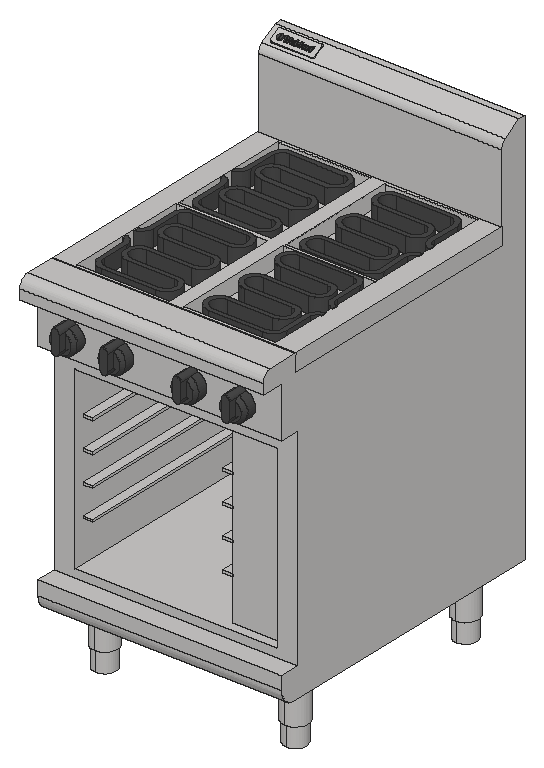
Revit family "QF_MOFFAT WALDORF_RN8400E-CB", category Specialty Equipment, Revit 2012
Parameters
  Weight in Pounds = 174.165
  Watts = 9600 W
  Volts = 415 V
  URL Cutsheet = "www.moffat.com"
  URL = "www.moffat.com"
  Type Mark [instance] = ""
  Status [instance] = ""
  Specification by User [instance] = ""
  Specification by Manufacturer = ""
  Show Logo [instance] = yes
  Show Casters [instance] = no
  Serial Number = ""
  Seismic Rating = ""
  SMACNA No = ""
  Revision Code [instance] = ""
  Phase = 2
  Omniclass Number and Title = ""
  Number of Poles = 1
  NAFEM Spec ID Number = ""
  Model = "RN8400E-CB"
  Min Ckt Ampacity = 0 A
  Max Overcurrent Protection = 0 A
  Masterspec = ""
  Manufacturer = "MOFFAT WALDORF"
  Legs [instance] = not(Show Casters)  # yes
  Item Number [instance] = ""
  Installed By [instance] = ""
  Identify Quantity as Lot [instance] = yes
  HP = ""
  Furnished By [instance] = ""
  Foodservice Equipment Identifier [instance] = yes
  FL Amps = 20 A
  Elec Conn RI Height = 0 mm
  Elec Conn Connection Height = 0 mm
  Description = "COOK TOP ELECTRIC ON CABINET BASE"
  Cycle = 50 Hz
  Conn Plug = ""
  Conn Conduit = yes
  CSI MasterFormat = ""
  CSI Master Format = ""
  Base Height [instance] = 150 mm
  Apparent Power = if(Phase = 3, Volts * FL Amps * 1.73, Volts * FL Amps)  # 8300 VA
Reference planes
  plane 1 "BACK": y = 0
  plane 2: z = 0
  plane 3 "LEFT": x = 0
  plane 4 "RIGHT": x = 600
  plane 5 "FRONT": y = -805
  plane 6 "TOP": z = 1130
  plane 7 "Center Y": x = 300
  plane 8 "Center X": y = -402.5
  plane 9 "Base Height": z = 150
  plane 10: z = 915
  plane 11: x = 65.8
  plane 12: y = -32
  plane 13: z = 710
  plane 14: x = 470
Forms (mm)
  Extrusion 1, solid, material "QF_Finishes_Stainless Steel"
    sketch origin (0, 0, 0) x (0, 1, 0) y (0, 0, 1)
      loop
        line (-805, 891) -> (-805, 866) -> (-749, 866) -> (-749, 740) -> (-120, 740) -> (-120, 222.5) -> (-749, 222.5) -> (-749, 188)
        arc (-749, 188) -> (-737.87, 161.13) -> (-711, 150) r 38
        line (-711, 150) -> (0, 150) -> (0, 1130) -> (-16.5, 1130) -> (-58.709, 1105.631)
        arc (-58.709, 1105.631) -> (-66.975, 1097.365) -> (-70, 1086.074) r 22.582
        line (-70, 1086.074) -> (-70, 875) -> (-705, 875) -> (-705, 915) -> (-781, 915)
        arc (-781, 915) -> (-797.971, 907.971) -> (-805, 891) r 24
    from 0 to 600
  Revolve 2, solid, material "QF_Finishes_Black"
    sketch origin (210, 0, 600) x (0, -1, 0) y (0, 0, 1)
      loop
        line (782, 229.605) -> (759, 229.605) -> (759, 202.105) -> (749, 202.105) -> (749, 197.105) -> (793, 197.105) -> (793, 223.757) -> (782, 229.605)
      axis (793, 197.105) -> (749, 197.105)
    angle from 0 to 360
  Extrusion 3, solid, material "QF_Finishes_Black"
    sketch origin (71.569, 0, 496.003) x (1, 0, 0) y (0, 0, 1)
      loop
        line (148.431, 289) -> (148.431, 327.997)
        arc (148.431, 327.997) -> (138.431, 337.997) -> (128.431, 327.997) r 10
        line (128.431, 327.997) -> (128.431, 289)
        arc (128.431, 289) -> (138.431, 279) -> (148.431, 289) r 10
    from 759 to 808
  Revolve 4, solid, material "QF_Finishes_Black"
    sketch origin (89.999, 0, 599.873) x (0, 1, 0) y (0, 0, -1)
      loop
        line (-782, -229.5) -> (-759, -229.5) -> (-759, -202) -> (-749, -202) -> (-749, -197) -> (-793, -197) -> (-793, -223.651) -> (-782, -229.5)
      axis (-793, -197) -> (-749, -197)
    angle from 0 to 360
  Extrusion 5, solid, material "QF_Finishes_Black"
    sketch origin (228.269, 0, 600.031) x (-1, 0, 0) y (0, 0, -1)
      loop
        arc (148.269, -184.969) -> (138.269, -174.969) -> (128.269, -184.969) r 10
        line (128.269, -184.969) -> (128.269, -223.969)
        arc (128.269, -223.969) -> (138.269, -233.969) -> (148.269, -223.969) r 10
        line (148.269, -223.969) -> (148.269, -184.969)
    from 759 to 808
  Extrusion 6, solid, material "QF_Finishes_Stainless Steel"
    sketch origin (0, -70, 875) x (0, -1, 0) y (1, 0, 0)
      loop
        line (1, 0) -> (635, 0) -> (635, 600) -> (1, 600) -> (1, 0)
      loop
        line (628.25, 54) -> (628.25, 282.75) -> (321.3, 282.75) -> (321.3, 54) -> (628.25, 54)
      loop
        line (6.75, 54) -> (313.7, 54) -> (313.7, 282.75) -> (6.75, 282.75) -> (6.75, 54)
      loop
        line (6.75, 317.25) -> (313.7, 317.25) -> (313.7, 546) -> (6.75, 546) -> (6.75, 317.25)
      loop
        line (628.25, 317.25) -> (628.25, 546) -> (321.3, 546) -> (321.3, 317.25) -> (628.25, 317.25)
    from 0 to 40
  Extrusion 7, solid, material "QF_Finishes_Black"
    sketch origin (0, -70, 875) x (0, -1, 0) y (1, 0, 0)
      loop
        arc (20.503, 102.138) -> (29.265, 78.692) -> (52.032, 68.293) r 32.731
        line (52.032, 68.293) -> (123.291, 68.293)
        arc (123.291, 68.293) -> (134.915, 64.189) -> (141.853, 54) r 19.786
        line (141.853, 54) -> (154.156, 54)
        arc (154.156, 54) -> (143.507, 72.673) -> (123.41, 80.3) r 31.79
        line (123.41, 80.3) -> (52.272, 80.3)
        arc (52.272, 80.3) -> (37.925, 87.003) -> (32.5, 101.881) r 20.722
        line (32.5, 101.881) -> (32.5, 234.6)
        arc (32.5, 234.6) -> (54.2, 256.3) -> (75.9, 234.6) r 21.7
        line (75.9, 234.6) -> (75.9, 122)
        arc (75.9, 122) -> (109.6, 88.3) -> (143.3, 122) r 33.7
        line (143.3, 122) -> (143.3, 234.6)
        arc (143.3, 234.6) -> (165, 256.3) -> (186.7, 234.6) r 21.7
        line (186.7, 234.6) -> (186.7, 122)
        arc (186.7, 122) -> (220.4, 88.3) -> (254.1, 122) r 33.7
        line (254.1, 122) -> (254.1, 234.6)
        arc (254.1, 234.6) -> (275.8, 256.3) -> (297.5, 234.6) r 21.7
        line (297.5, 234.6) -> (297.5, 101.881)
        arc (297.5, 101.881) -> (292.075, 87.003) -> (277.728, 80.3) r 20.722
        line (277.728, 80.3) -> (206.584, 80.3)
        arc (206.584, 80.3) -> (186.467, 72.659) -> (175.749, 54) r 31.973
        line (175.749, 54) -> (188.064, 54)
        arc (188.064, 54) -> (195.064, 64.184) -> (206.716, 68.3) r 19.973
        line (206.716, 68.3) -> (277.967, 68.3)
        arc (277.967, 68.3) -> (300.725, 78.682) -> (309.5, 102.106) r 32.722
        line (309.5, 102.106) -> (309.5, 234.6)
        arc (309.5, 234.6) -> (275.8, 268.3) -> (242.1, 234.6) r 33.7
        line (242.1, 234.6) -> (242.1, 122)
        arc (242.1, 122) -> (220.4, 100.3) -> (198.7, 122) r 21.7
        line (198.7, 122) -> (198.7, 234.6)
        arc (198.7, 234.6) -> (165, 268.3) -> (131.3, 234.6) r 33.7
        line (131.3, 234.6) -> (131.3, 122)
        arc (131.3, 122) -> (109.6, 100.3) -> (87.9, 122) r 21.7
        line (87.9, 122) -> (87.9, 234.6)
        arc (87.9, 234.6) -> (54.202, 268.298) -> (20.503, 234.6) r 33.698
        line (20.503, 234.6) -> (20.503, 102.138)
      loop
        arc (320.503, 102.138) -> (329.265, 78.692) -> (352.032, 68.293) r 32.731
        line (352.032, 68.293) -> (423.291, 68.293)
        arc (423.291, 68.293) -> (434.915, 64.189) -> (441.853, 54) r 19.786
        line (441.853, 54) -> (454.156, 54)
        arc (454.156, 54) -> (443.507, 72.673) -> (423.41, 80.3) r 31.79
        line (423.41, 80.3) -> (352.272, 80.3)
        arc (352.272, 80.3) -> (337.925, 87.003) -> (332.5, 101.881) r 20.722
        line (332.5, 101.881) -> (332.5, 234.6)
        arc (332.5, 234.6) -> (354.2, 256.3) -> (375.9, 234.6) r 21.7
        line (375.9, 234.6) -> (375.9, 122)
        arc (375.9, 122) -> (409.6, 88.3) -> (443.3, 122) r 33.7
        line (443.3, 122) -> (443.3, 234.6)
        arc (443.3, 234.6) -> (465, 256.3) -> (486.7, 234.6) r 21.7
        line (486.7, 234.6) -> (486.7, 122)
        arc (486.7, 122) -> (520.4, 88.3) -> (554.1, 122) r 33.7
        line (554.1, 122) -> (554.1, 234.6)
        arc (554.1, 234.6) -> (575.8, 256.3) -> (597.5, 234.6) r 21.7
        line (597.5, 234.6) -> (597.5, 101.881)
        arc (597.5, 101.881) -> (592.075, 87.003) -> (577.728, 80.3) r 20.722
        line (577.728, 80.3) -> (506.584, 80.3)
        arc (506.584, 80.3) -> (486.467, 72.659) -> (475.749, 54) r 31.973
        line (475.749, 54) -> (488.064, 54)
        arc (488.064, 54) -> (495.064, 64.184) -> (506.716, 68.3) r 19.973
        line (506.716, 68.3) -> (577.967, 68.3)
        arc (577.967, 68.3) -> (600.725, 78.682) -> (609.5, 102.106) r 32.722
        line (609.5, 102.106) -> (609.5, 234.6)
        arc (609.5, 234.6) -> (575.8, 268.3) -> (542.1, 234.6) r 33.7
        line (542.1, 234.6) -> (542.1, 122)
        arc (542.1, 122) -> (520.4, 100.3) -> (498.7, 122) r 21.7
        line (498.7, 122) -> (498.7, 234.6)
        arc (498.7, 234.6) -> (465, 268.3) -> (431.3, 234.6) r 33.7
        line (431.3, 234.6) -> (431.3, 122)
        arc (431.3, 122) -> (409.6, 100.3) -> (387.9, 122) r 21.7
        line (387.9, 122) -> (387.9, 234.6)
        arc (387.9, 234.6) -> (354.202, 268.298) -> (320.503, 234.6) r 33.698
        line (320.503, 234.6) -> (320.503, 102.138)
      loop
        line (20.503, 497.862) -> (20.503, 365.4)
        arc (20.503, 365.4) -> (54.202, 331.702) -> (87.9, 365.4) r 33.698
        line (87.9, 365.4) -> (87.9, 478)
        arc (87.9, 478) -> (109.6, 499.7) -> (131.3, 478) r 21.7
        line (131.3, 478) -> (131.3, 365.4)
        arc (131.3, 365.4) -> (165, 331.7) -> (198.7, 365.4) r 33.7
        line (198.7, 365.4) -> (198.7, 478)
        arc (198.7, 478) -> (220.4, 499.7) -> (242.1, 478) r 21.7
        line (242.1, 478) -> (242.1, 365.4)
        arc (242.1, 365.4) -> (275.8, 331.7) -> (309.5, 365.4) r 33.7
        line (309.5, 365.4) -> (309.5, 497.894)
        arc (309.5, 497.894) -> (300.725, 521.318) -> (277.967, 531.7) r 32.722
        line (277.967, 531.7) -> (206.716, 531.7)
        arc (206.716, 531.7) -> (195.064, 535.816) -> (188.064, 546) r 19.973
        line (188.064, 546) -> (175.749, 546)
        arc (175.749, 546) -> (186.467, 527.341) -> (206.584, 519.7) r 31.973
        line (206.584, 519.7) -> (277.728, 519.7)
        arc (277.728, 519.7) -> (292.075, 512.997) -> (297.5, 498.119) r 20.722
        line (297.5, 498.119) -> (297.5, 365.4)
        arc (297.5, 365.4) -> (275.8, 343.7) -> (254.1, 365.4) r 21.7
        line (254.1, 365.4) -> (254.1, 478)
        arc (254.1, 478) -> (220.4, 511.7) -> (186.7, 478) r 33.7
        line (186.7, 478) -> (186.7, 365.4)
        arc (186.7, 365.4) -> (165, 343.7) -> (143.3, 365.4) r 21.7
        line (143.3, 365.4) -> (143.3, 478)
        arc (143.3, 478) -> (109.6, 511.7) -> (75.9, 478) r 33.7
        line (75.9, 478) -> (75.9, 365.4)
        arc (75.9, 365.4) -> (54.2, 343.7) -> (32.5, 365.4) r 21.7
        line (32.5, 365.4) -> (32.5, 498.119)
        arc (32.5, 498.119) -> (37.925, 512.997) -> (52.272, 519.7) r 20.722
        line (52.272, 519.7) -> (123.41, 519.7)
        arc (123.41, 519.7) -> (143.507, 527.327) -> (154.156, 546) r 31.79
        line (154.156, 546) -> (141.853, 546)
        arc (141.853, 546) -> (134.915, 535.811) -> (123.291, 531.707) r 19.786
        line (123.291, 531.707) -> (52.032, 531.707)
        arc (52.032, 531.707) -> (29.265, 521.308) -> (20.503, 497.862) r 32.731
      loop
        line (320.503, 497.862) -> (320.503, 365.4)
        arc (320.503, 365.4) -> (354.202, 331.702) -> (387.9, 365.4) r 33.698
        line (387.9, 365.4) -> (387.9, 478)
        arc (387.9, 478) -> (409.6, 499.7) -> (431.3, 478) r 21.7
        line (431.3, 478) -> (431.3, 365.4)
        arc (431.3, 365.4) -> (465, 331.7) -> (498.7, 365.4) r 33.7
        line (498.7, 365.4) -> (498.7, 478)
        arc (498.7, 478) -> (520.4, 499.7) -> (542.1, 478) r 21.7
        line (542.1, 478) -> (542.1, 365.4)
        arc (542.1, 365.4) -> (575.8, 331.7) -> (609.5, 365.4) r 33.7
        line (609.5, 365.4) -> (609.5, 497.894)
        arc (609.5, 497.894) -> (600.725, 521.318) -> (577.967, 531.7) r 32.722
        line (577.967, 531.7) -> (506.716, 531.7)
        arc (506.716, 531.7) -> (495.064, 535.816) -> (488.064, 546) r 19.973
        line (488.064, 546) -> (475.749, 546)
        arc (475.749, 546) -> (486.467, 527.341) -> (506.584, 519.7) r 31.973
        line (506.584, 519.7) -> (577.728, 519.7)
        arc (577.728, 519.7) -> (592.075, 512.997) -> (597.5, 498.119) r 20.722
        line (597.5, 498.119) -> (597.5, 365.4)
        arc (597.5, 365.4) -> (575.8, 343.7) -> (554.1, 365.4) r 21.7
        line (554.1, 365.4) -> (554.1, 478)
        arc (554.1, 478) -> (520.4, 511.7) -> (486.7, 478) r 33.7
        line (486.7, 478) -> (486.7, 365.4)
        arc (486.7, 365.4) -> (465, 343.7) -> (443.3, 365.4) r 21.7
        line (443.3, 365.4) -> (443.3, 478)
        arc (443.3, 478) -> (409.6, 511.7) -> (375.9, 478) r 33.7
        line (375.9, 478) -> (375.9, 365.4)
        arc (375.9, 365.4) -> (354.2, 343.7) -> (332.5, 365.4) r 21.7
        line (332.5, 365.4) -> (332.5, 498.119)
        arc (332.5, 498.119) -> (337.925, 512.997) -> (352.272, 519.7) r 20.722
        line (352.272, 519.7) -> (423.41, 519.7)
        arc (423.41, 519.7) -> (443.507, 527.327) -> (454.156, 546) r 31.79
        line (454.156, 546) -> (441.853, 546)
        arc (441.853, 546) -> (434.915, 535.811) -> (423.291, 531.707) r 19.786
        line (423.291, 531.707) -> (352.032, 531.707)
        arc (352.032, 531.707) -> (329.265, 521.308) -> (320.503, 497.862) r 32.731
    from 0 to 40
  Revolve 8, solid, material "QF_Finishes_Black"
    sketch origin (510, 0, 600) x (0, -1, 0) y (0, 0, 1)
      loop
        line (782, 229.605) -> (759, 229.605) -> (759, 202.105) -> (749, 202.105) -> (749, 197.105) -> (793, 197.105) -> (793, 223.757) -> (782, 229.605)
      axis (793, 197.105) -> (749, 197.105)
    angle from 0 to 360
  Extrusion 9, solid, material "QF_Finishes_Black"
    sketch origin (371.569, 0, 496.003) x (1, 0, 0) y (0, 0, 1)
      loop
        line (148.431, 289) -> (148.431, 327.997)
        arc (148.431, 327.997) -> (138.431, 337.997) -> (128.431, 327.997) r 10
        line (128.431, 327.997) -> (128.431, 289)
        arc (128.431, 289) -> (138.431, 279) -> (148.431, 289) r 10
    from 759 to 808
  Revolve 10, solid, material "QF_Finishes_Black"
    sketch origin (389.999, 0, 599.873) x (0, 1, 0) y (0, 0, -1)
      loop
        line (-782, -229.5) -> (-759, -229.5) -> (-759, -202) -> (-749, -202) -> (-749, -197) -> (-793, -197) -> (-793, -223.651) -> (-782, -229.5)
      axis (-793, -197) -> (-749, -197)
    angle from 0 to 360
  Extrusion 11, solid, material "QF_Finishes_Black"
    sketch origin (528.269, 0, 600.031) x (-1, 0, 0) y (0, 0, -1)
      loop
        arc (148.269, -184.969) -> (138.269, -174.969) -> (128.269, -184.969) r 10
        line (128.269, -184.969) -> (128.269, -223.969)
        arc (128.269, -223.969) -> (138.269, -233.969) -> (148.269, -223.969) r 10
        line (148.269, -223.969) -> (148.269, -184.969)
    from 759 to 808
  Revolve 12, solid, material "QF_Finishes_Stainless Steel", visible <- "Legs"
    sketch origin (65, -165, 0) x (0, 1, 0) y (0, 0, 1)
      loop
        line (33.25, 150) -> (33.25, 50) -> (37.5, 50) -> (37.5, 0) -> (65, 0) -> (65, 150) -> (33.25, 150)
      axis (65, 150) -> (65, 0)
    angle from 0 to 360
  Revolve 13, solid, material "QF_Finishes_Stainless Steel"
    sketch origin (65, -735, 0) x (0, 1, 0) y (0, 0, 1)
      loop
        line (78.25, 150) -> (78.25, 50) -> (82.5, 50) -> (82.5, 0) -> (110, 0) -> (110, 150) -> (78.25, 150)
      axis (110, 150) -> (110, 0)
    angle from 0 to 360
  Revolve 14, solid, material "QF_Finishes_Stainless Steel", visible <- "Legs"
    sketch origin (535, -165, 0) x (0, 1, 0) y (0, 0, -1)
      loop
        line (33.25, -150) -> (65, -150) -> (65, 0) -> (37.5, 0) -> (37.5, -50) -> (33.25, -50) -> (33.25, -150)
      axis (65, -150) -> (65, 0)
    angle from 0 to 360
  Revolve 15, solid, material "QF_Finishes_Stainless Steel"
    sketch origin (535, -735, 0) x (0, 1, 0) y (0, 0, -1)
      loop
        line (78.25, -150) -> (110, -150) -> (110, 0) -> (82.5, 0) -> (82.5, -50) -> (78.25, -50) -> (78.25, -150)
      axis (110, -150) -> (110, 0)
    angle from 0 to 360
  Extrusion 16, solid, material "QF_Finishes_Stainless Steel"
    sketch origin (0, -120, 735.938) x (0, 0, 1) y (-1, 0, 0)
      loop
        line (-513.438, 0) -> (-513.438, -600) -> (4.062, -600) -> (4.062, 0) -> (-513.438, 0)
      loop
        line (-50.938, -50) -> (-493.438, -50) -> (-493.438, -550) -> (-50.938, -550) -> (-50.938, -50)
    from 0 to 579
  Extrusion 17, void
    sketch origin (0, 0, 150) x (-1, 0, 0) y (0, -1, 0)
      loop
        line (-535.614, 87.26) -> (-535.614, -30.24) -> (-406.114, -30.24) -> (-406.114, 38.76) -> (-454.614, 87.26) -> (-535.614, 87.26)
    from 72.5 to 560
  Extrusion 18, solid, material "QF_Finishes_Stainless Steel"
    sketch origin (0, 0, 710) x (0, -1, 0) y (-1, 0, 0)
      loop
        circle (32, -470) r 6.35
    from 0 to 1.6
  Extrusion 19, solid, material "QF_Finishes_Stainless Steel"
    sketch origin (0, -120, 735.938) x (0, 0, 1) y (-1, 0, 0)
      loop
        line (-317.188, -50) -> (-317.188, -75) -> (-310.838, -75) -> (-310.838, -50) -> (-317.188, -50)
      loop
        line (-235.838, -75) -> (-235.838, -50) -> (-242.188, -50) -> (-242.188, -75) -> (-235.838, -75)
      loop
        line (-392.188, -50) -> (-392.188, -75) -> (-385.838, -75) -> (-385.838, -50) -> (-392.188, -50)
      loop
        line (-160.838, -75) -> (-160.838, -50) -> (-167.188, -50) -> (-167.188, -75) -> (-160.838, -75)
      loop
        line (-317.188, -419.5) -> (-310.838, -419.5) -> (-310.838, -394.5) -> (-317.188, -394.5) -> (-317.188, -419.5)
      loop
        line (-235.838, -394.5) -> (-242.188, -394.5) -> (-242.188, -419.5) -> (-235.838, -419.5) -> (-235.838, -394.5)
      loop
        line (-392.188, -419.5) -> (-385.838, -419.5) -> (-385.838, -394.5) -> (-392.188, -394.5) -> (-392.188, -419.5)
      loop
        line (-160.838, -394.5) -> (-167.188, -394.5) -> (-167.188, -419.5) -> (-160.838, -419.5) -> (-160.838, -394.5)
    from 0 to 554
  Extrusion 20, solid, material "QF_Finishes_Stainless Steel"
    sketch origin (0, -120, 735.938) x (0, 0, 1) y (-1, 0, 0)
      loop
        line (-50.938, -550) -> (-50.938, -419.5) -> (-493.438, -419.5) -> (-493.438, -550) -> (-50.938, -550)
    from 546.898 to 554
Cuts and joins
  Extrusion 17 cuts Extrusion 1
  joined: Extrusion 1, Extrusion 16
Lines and regions (mm)
  Split face 1
    outline origin (22.5, -19.748, 1128.125) x (0, -0.866025, -0.5) y (1, 0, 0)
      loop
        line (1.427, 105.5) -> (35.836, 105.5) -> (35.836, 125.5) -> (1.427, 125.5) -> (1.427, 105.5)
  Split face 2
    outline origin (49.289, -19.748, 1128.125) x (0, -0.866025, -0.5) y (1, 0, 0)
      loop
        line (1.427, 105.5) -> (35.836, 105.5) -> (35.836, 125.5) -> (1.427, 125.5) -> (1.427, 105.5)
  Split face 3
    outline origin (76.967, -19.748, 1128.125) x (0, -0.866025, -0.5) y (1, 0, 0)
      loop
        line (1.427, 105.5) -> (35.836, 105.5) -> (35.836, 125.5) -> (1.427, 125.5) -> (1.427, 105.5)
  Split face 4
    outline origin (103.591, -19.748, 1128.125) x (0, -0.866025, -0.5) y (1, 0, 0)
      loop
        line (1.427, 105.5) -> (35.836, 105.5) -> (35.836, 125.5) -> (1.427, 125.5) -> (1.427, 105.5)
  Split face 5
    outline origin (130.215, -19.748, 1128.125) x (0, -0.866025, -0.5) y (1, 0, 0)
      loop
        line (1.427, 105.5) -> (35.836, 105.5) -> (35.836, 125.5) -> (1.427, 125.5) -> (1.427, 105.5)
  Split face 6
    outline origin (157.366, -19.748, 1128.125) x (0, -0.866025, -0.5) y (1, 0, 0)
      loop
        line (1.427, 105.5) -> (35.836, 105.5) -> (35.836, 125.5) -> (1.427, 125.5) -> (1.427, 105.5)
  Split face 7
    outline origin (184.781, -19.748, 1128.125) x (0, -0.866025, -0.5) y (1, 0, 0)
      loop
        line (1.427, 105.5) -> (35.836, 105.5) -> (35.836, 125.5) -> (1.427, 125.5) -> (1.427, 105.5)
  Split face 8
    outline origin (211.405, -19.748, 1128.125) x (0, -0.866025, -0.5) y (1, 0, 0)
      loop
        line (1.427, 105.5) -> (35.836, 105.5) -> (35.836, 125.5) -> (1.427, 125.5) -> (1.427, 105.5)
  Split face 9
    outline origin (238.292, -19.748, 1128.125) x (0, -0.866025, -0.5) y (1, 0, 0)
      loop
        line (1.427, 105.5) -> (35.836, 105.5) -> (35.836, 125.5) -> (1.427, 125.5) -> (1.427, 105.5)
  Split face 10
    outline origin (265.971, -19.748, 1128.125) x (0, -0.866025, -0.5) y (1, 0, 0)
      loop
        line (1.427, 105.5) -> (35.836, 105.5) -> (35.836, 125.5) -> (1.427, 125.5) -> (1.427, 105.5)
  Split face 11
    outline origin (292.533, -19.748, 1128.125) x (0, -0.866025, -0.5) y (1, 0, 0)
      loop
        line (1.427, 105.5) -> (35.836, 105.5) -> (35.836, 125.5) -> (1.427, 125.5) -> (1.427, 105.5)
  Split face 12
    outline origin (319.444, -19.748, 1128.125) x (0, -0.866025, -0.5) y (1, 0, 0)
      loop
        line (1.427, 105.5) -> (35.836, 105.5) -> (35.836, 125.5) -> (1.427, 125.5) -> (1.427, 105.5)
  Split face 13
    outline origin (346.271, -19.748, 1128.125) x (0, -0.866025, -0.5) y (1, 0, 0)
      loop
        line (1.427, 105.5) -> (35.836, 105.5) -> (35.836, 125.5) -> (1.427, 125.5) -> (1.427, 105.5)
  symbolic lines
    curve 1: line (0, 0, 0) -> (0, -805, 0)
    curve 2: line (600, 0, 0) -> (0, 0, 0)
    curve 3: line (600, -805, 0) -> (600, 0, 0)
    curve 4: line (0, -70, 0) -> (600, -70, 0)
    curve 5: line (0, -805, 0) -> (600, -805, 0)
    curve 10: line (600, -705, 0) -> (0, -705, 0)
    curve 11: line (128, -50.782, 0) -> (128, -20.984, 0)
    curve 12: line (128, -20.984, 0) -> (148, -20.984, 0)
    curve 13: line (148, -20.984, 0) -> (148, -50.782, 0)
    curve 14: line (148, -50.782, 0) -> (128, -50.782, 0)
    curve 15: line (154.789, -50.782, 0) -> (154.789, -20.984, 0)
    curve 16: line (154.789, -20.984, 0) -> (174.789, -20.984, 0)
    curve 17: line (174.789, -20.984, 0) -> (174.789, -50.782, 0)
    curve 18: line (174.789, -50.782, 0) -> (154.789, -50.782, 0)
    curve 19: line (182.467, -20.984, 0) -> (202.467, -20.984, 0)
    curve 20: line (202.467, -20.984, 0) -> (202.467, -50.782, 0)
    curve 21: line (202.467, -50.782, 0) -> (182.467, -50.782, 0)
    curve 22: line (182.467, -50.782, 0) -> (182.467, -20.984, 0)
    curve 23: line (229.091, -20.984, 0) -> (209.091, -20.984, 0)
    curve 24: line (209.091, -20.984, 0) -> (209.091, -50.782, 0)
    curve 25: line (209.091, -50.782, 0) -> (229.091, -50.782, 0)
    curve 26: line (229.091, -50.782, 0) -> (229.091, -20.984, 0)
    curve 27: line (255.715, -20.984, 0) -> (235.715, -20.984, 0)
    curve 28: line (235.715, -20.984, 0) -> (235.715, -50.782, 0)
    curve 29: line (235.715, -50.782, 0) -> (255.715, -50.782, 0)
    curve 30: line (255.715, -50.782, 0) -> (255.715, -20.984, 0)
    curve 31: line (282.866, -20.984, 0) -> (262.866, -20.984, 0)
    curve 32: line (262.866, -20.984, 0) -> (262.866, -50.782, 0)
    curve 33: line (262.866, -50.782, 0) -> (282.866, -50.782, 0)
    curve 34: line (282.866, -50.782, 0) -> (282.866, -20.984, 0)
    curve 35: line (310.281, -20.984, 0) -> (290.281, -20.984, 0)
    curve 36: line (290.281, -20.984, 0) -> (290.281, -50.782, 0)
    curve 37: line (290.281, -50.782, 0) -> (310.281, -50.782, 0)
    curve 38: line (310.281, -50.782, 0) -> (310.281, -20.984, 0)
    curve 39: line (316.905, -20.984, 0) -> (336.905, -20.984, 0)
    curve 40: line (336.905, -20.984, 0) -> (336.905, -50.782, 0)
    curve 41: line (336.905, -50.782, 0) -> (316.905, -50.782, 0)
    curve 42: line (316.905, -50.782, 0) -> (316.905, -20.984, 0)
    curve 43: line (363.792, -20.984, 0) -> (343.792, -20.984, 0)
    curve 44: line (343.792, -20.984, 0) -> (343.792, -50.782, 0)
    curve 45: line (343.792, -50.782, 0) -> (363.792, -50.782, 0)
    curve 46: line (363.792, -50.782, 0) -> (363.792, -20.984, 0)
    curve 47: line (371.471, -50.782, 0) -> (391.471, -50.782, 0)
    curve 48: line (391.471, -50.782, 0) -> (391.471, -20.984, 0)
    curve 49: line (391.471, -20.984, 0) -> (371.471, -20.984, 0)
    curve 50: line (371.471, -20.984, 0) -> (371.471, -50.782, 0)
    curve 51: line (398.033, -50.782, 0) -> (418.033, -50.782, 0)
    curve 52: line (418.033, -50.782, 0) -> (418.033, -20.984, 0)
    curve 53: line (418.033, -20.984, 0) -> (398.033, -20.984, 0)
    curve 54: line (398.033, -20.984, 0) -> (398.033, -50.782, 0)
    curve 55: line (444.944, -50.782, 0) -> (424.944, -50.782, 0)
    curve 56: line (424.944, -50.782, 0) -> (424.944, -20.984, 0)
    curve 57: line (424.944, -20.984, 0) -> (444.944, -20.984, 0)
    curve 58: line (444.944, -20.984, 0) -> (444.944, -50.782, 0)
    curve 59: line (451.771, -50.782, 0) -> (471.771, -50.782, 0)
    curve 60: line (471.771, -50.782, 0) -> (471.771, -20.984, 0)
    curve 61: line (471.771, -20.984, 0) -> (451.771, -20.984, 0)
    curve 62: line (451.771, -20.984, 0) -> (451.771, -50.782, 0)
    curve 63: line (54, -705, 0) -> (54, -70, 0)
    curve 64: line (546, -71, 0) -> (546, -705, 0)
    curve 65: line (282.75, -70, 0) -> (282.75, -705, 0)
    curve 66: line (317.25, -705, 0) -> (317.25, -70, 0)
    curve 67: line (54, -387.5, 0) -> (546, -387.5, 0)
    curve 68: arc (102.029, -96.503, 0) -> (82.856, -103.586, 0) -> (74.293, -122.146, 0) r 26.731
    curve 69: line (234.6, -96.503, 0) -> (102.029, -96.503, 0)
    curve 70: line (74.293, -122.146, 0) -> (74.293, -193.354, 0)
    curve 71: arc (74.293, -193.354, 0) -> (68.431, -209.219, 0) -> (54, -218.038, 0) r 25.786
    curve 72: arc (234.6, -151.9, 0) -> (262.298, -124.202, 0) -> (234.6, -96.503, 0) r 27.698
    curve 73: line (122, -151.9, 0) -> (234.6, -151.9, 0)
    curve 74: arc (122, -207.3, 0) -> (94.3, -179.6, 0) -> (122, -151.9, 0) r 27.7
    curve 75: line (234.6, -207.3, 0) -> (122, -207.3, 0)
    curve 76: arc (234.6, -262.7, 0) -> (262.3, -235, 0) -> (234.6, -207.3, 0) r 27.7
    curve 77: line (122, -262.7, 0) -> (234.6, -262.7, 0)
    curve 78: arc (122, -318.1, 0) -> (94.3, -290.4, 0) -> (122, -262.7, 0) r 27.7
    curve 79: line (234.6, -318.1, 0) -> (122, -318.1, 0)
    curve 80: arc (234.6, -373.5, 0) -> (262.3, -345.8, 0) -> (234.6, -318.1, 0) r 27.7
    curve 81: line (102, -373.5, 0) -> (234.6, -373.5, 0)
    curve 82: arc (74.3, -347.854, 0) -> (82.847, -366.405, 0) -> (102, -373.5, 0) r 26.722
    curve 83: line (74.3, -276.646, 0) -> (74.3, -347.854, 0)
    curve 84: arc (54, -251.869, 0) -> (68.424, -260.755, 0) -> (74.3, -276.646, 0) r 25.973
    curve 85: arc (102.029, -396.503, 0) -> (82.856, -403.586, 0) -> (74.293, -422.146, 0) r 26.731
    curve 86: line (234.6, -396.503, 0) -> (102.029, -396.503, 0)
    curve 87: line (74.293, -422.146, 0) -> (74.293, -493.354, 0)
    curve 88: arc (74.293, -493.354, 0) -> (68.431, -509.219, 0) -> (54, -518.038, 0) r 25.786
    curve 89: arc (234.6, -451.9, 0) -> (262.298, -424.202, 0) -> (234.6, -396.503, 0) r 27.698
    curve 90: line (122, -451.9, 0) -> (234.6, -451.9, 0)
    curve 91: arc (122, -507.3, 0) -> (94.3, -479.6, 0) -> (122, -451.9, 0) r 27.7
    curve 92: line (234.6, -507.3, 0) -> (122, -507.3, 0)
    curve 93: arc (234.6, -562.7, 0) -> (262.3, -535, 0) -> (234.6, -507.3, 0) r 27.7
    curve 94: line (122, -562.7, 0) -> (234.6, -562.7, 0)
    curve 95: arc (122, -618.1, 0) -> (94.3, -590.4, 0) -> (122, -562.7, 0) r 27.7
    curve 96: line (234.6, -618.1, 0) -> (122, -618.1, 0)
    curve 97: arc (234.6, -673.5, 0) -> (262.3, -645.8, 0) -> (234.6, -618.1, 0) r 27.7
    curve 98: line (102, -673.5, 0) -> (234.6, -673.5, 0)
    curve 99: arc (74.3, -647.854, 0) -> (82.847, -666.405, 0) -> (102, -673.5, 0) r 26.722
    curve 100: line (74.3, -576.646, 0) -> (74.3, -647.854, 0)
    curve 101: arc (54, -551.869, 0) -> (68.424, -560.755, 0) -> (74.3, -576.646, 0) r 25.973
    curve 102: arc (497.971, -96.503, 0) -> (517.144, -103.586, 0) -> (525.707, -122.146, 0) r 26.731
    curve 103: line (365.4, -96.503, 0) -> (497.971, -96.503, 0)
    curve 104: line (525.707, -122.146, 0) -> (525.707, -193.354, 0)
    curve 105: arc (525.707, -193.354, 0) -> (531.569, -209.219, 0) -> (546, -218.038, 0) r 25.786
    curve 106: arc (365.4, -151.9, 0) -> (337.702, -124.202, 0) -> (365.4, -96.503, 0) r 27.698
    curve 107: line (478, -151.9, 0) -> (365.4, -151.9, 0)
    curve 108: arc (478, -207.3, 0) -> (505.7, -179.6, 0) -> (478, -151.9, 0) r 27.7
    curve 109: line (365.4, -207.3, 0) -> (478, -207.3, 0)
    curve 110: arc (365.4, -262.7, 0) -> (337.7, -235, 0) -> (365.4, -207.3, 0) r 27.7
    curve 111: line (478, -262.7, 0) -> (365.4, -262.7, 0)
    curve 112: arc (478, -318.1, 0) -> (505.7, -290.4, 0) -> (478, -262.7, 0) r 27.7
    curve 113: line (365.4, -318.1, 0) -> (478, -318.1, 0)
    curve 114: arc (365.4, -373.5, 0) -> (337.7, -345.8, 0) -> (365.4, -318.1, 0) r 27.7
    curve 115: line (498, -373.5, 0) -> (365.4, -373.5, 0)
    curve 116: arc (525.7, -347.854, 0) -> (517.153, -366.405, 0) -> (498, -373.5, 0) r 26.722
    curve 117: line (525.7, -276.646, 0) -> (525.7, -347.854, 0)
    curve 118: arc (546, -251.869, 0) -> (531.576, -260.755, 0) -> (525.7, -276.646, 0) r 25.973
    curve 119: arc (497.971, -396.503, 0) -> (517.144, -403.586, 0) -> (525.707, -422.146, 0) r 26.731
    curve 120: line (365.4, -396.503, 0) -> (497.971, -396.503, 0)
    curve 121: line (525.707, -422.146, 0) -> (525.707, -493.354, 0)
    curve 122: arc (525.707, -493.354, 0) -> (531.569, -509.219, 0) -> (546, -518.038, 0) r 25.786
    curve 123: arc (365.4, -451.9, 0) -> (337.702, -424.202, 0) -> (365.4, -396.503, 0) r 27.698
    curve 124: line (478, -451.9, 0) -> (365.4, -451.9, 0)
    curve 125: arc (478, -507.3, 0) -> (505.7, -479.6, 0) -> (478, -451.9, 0) r 27.7
    curve 126: line (365.4, -507.3, 0) -> (478, -507.3, 0)
    curve 127: arc (365.4, -562.7, 0) -> (337.7, -535, 0) -> (365.4, -507.3, 0) r 27.7
    curve 128: line (478, -562.7, 0) -> (365.4, -562.7, 0)
    curve 129: arc (478, -618.1, 0) -> (505.7, -590.4, 0) -> (478, -562.7, 0) r 27.7
    curve 130: line (365.4, -618.1, 0) -> (478, -618.1, 0)
    curve 131: arc (365.4, -673.5, 0) -> (337.7, -645.8, 0) -> (365.4, -618.1, 0) r 27.7
    curve 132: line (498, -673.5, 0) -> (365.4, -673.5, 0)
    curve 133: arc (525.7, -647.854, 0) -> (517.153, -666.405, 0) -> (498, -673.5, 0) r 26.722
    curve 134: line (525.7, -576.646, 0) -> (525.7, -647.854, 0)
    curve 135: arc (546, -551.869, 0) -> (531.576, -560.755, 0) -> (525.7, -576.646, 0) r 25.973
  symbolic lines, visible <- "Show Logo"
    curve 6: line (12.5, -51.234, 0) -> (12.5, -20.958, 0)
    curve 7: line (12.5, -20.958, 0) -> (121.5, -20.958, 0)
    curve 8: line (12.5, -51.234, 0) -> (121.5, -51.234, 0)
    curve 9: line (121.5, -20.958, 0) -> (121.5, -51.234, 0)
Dimensions and locks
  equal spacing: plane 3 "LEFT", plane 7 "Center Y", plane 4 "RIGHT"
  plane 3 "LEFT" to plane 4 "RIGHT" = 600 mm
  equal spacing: plane 5 "FRONT", plane 8 "Center X", plane 1 "BACK"
  plane 5 "FRONT" to plane 1 "BACK" = 805 mm  (x2)
  equal spacing: plane 4 "RIGHT", plane 7 "Center Y", plane 3 "LEFT"
  plane 4 "RIGHT" to plane 3 "LEFT" = 600 mm
  "Base Height": plane 9 "Base Height" to level
  plane 6 "TOP" to level = 1130 mm
  plane 10 to level = 915 mm
  locked: nested 1 to nested 1 at 17.226
  plane 6 "TOP" to nested 1 to nested 1 = 1.472 mm locked, 17.226 mm locked
  plane 12 to plane 1 "BACK" = 32 mm
  plane 13 to level = 710 mm
  plane 14 to plane 4 "RIGHT" = 130 mm
  aligned and locked: level to plane 2
  aligned and locked: curve 3 to plane 4 "RIGHT"
Automatic sketch dimensions
  plane 1 "BACK" to curve 1 = 0 mm
  curve 1 to plane 3 "LEFT" = 0 mm
  plane 5 "FRONT" to curve 5 = 0 mm
  plane 3 "LEFT" to curve 6 = 12.5 mm
  curve 83 to curve 82 = 26.701 mm
  curve 99 to curve 99 = 26.701 mm
  curve 85 to curve 85 = 26.709 mm
  curve 68 to curve 68 = 26.709 mm
  curve 99 to curve 98 = 0.999 mm
  curve 82 to curve 82 = 0.999 mm
  curve 68 to curve 69 = 1.027 mm
  plane 8 "Center X" to curve 86 = 5.997 mm
  curve 81 to curve 86 = 0.029 mm
  plane 1 "BACK" to curve 7 = 20.958 mm
  curve 82 to curve 78 = 20.999 mm
  curve 88 to curve 91 = 47.707 mm
  curve 68 to curve 74 = 20.998 mm
  curve 101 to curve 94 = 47.7 mm
  curve 7 to curve 12 = 6.5 mm
  curve 11 to curve 12 = 20 mm
  curve 12 to curve 15 = 6.789 mm
  curve 15 to curve 17 = 20 mm
  curve 17 to curve 21 = 7.678 mm
  curve 19 to curve 20 = 20 mm
  curve 20 to curve 24 = 6.624 mm
  curve 23 to curve 26 = 20 mm
  curve 89 to plane 7 "Center Y" = 65.4 mm
  curve 76 to plane 7 "Center Y" = 65.4 mm
  curve 92 to curve 89 = 0 mm
  curve 96 to curve 93 = 0 mm
  curve 81 to curve 86 = 0 mm
  curve 73 to curve 76 = 0 mm
  curve 23 to curve 28 = 6.624 mm
  curve 28 to curve 29 = 20 mm
  curve 27 to curve 32 = 7.151 mm
  curve 65 to plane 7 "Center Y" = 17.25 mm
  curve 31 to plane 7 "Center Y" = 17.134 mm
  curve 31 to curve 36 = 7.415 mm
  plane 7 "Center Y" to curve 38 = 10.281 mm
  curve 37 to curve 41 = 6.624 mm
  plane 7 "Center Y" to curve 66 = 17.25 mm
  curve 39 to curve 39 = 20 mm
  curve 39 to curve 44 = 6.888 mm
  curve 44 to curve 45 = 20 mm
  curve 45 to curve 106 = 1.608 mm
  plane 7 "Center Y" to curve 130 = 65.4 mm
  plane 7 "Center Y" to curve 126 = 65.4 mm
  plane 8 "Center X" to curve 114 = 29 mm
  plane 7 "Center Y" to curve 114 = 65.4 mm
  curve 123 to plane 8 "Center X" = 21.702 mm
  curve 123 to curve 115 = 0 mm
  curve 109 to curve 106 = 0 mm
  curve 45 to curve 47 = 7.678 mm
  curve 47 to curve 48 = 20 mm
  curve 48 to curve 54 = 6.562 mm
  curve 53 to curve 52 = 20 mm
  curve 51 to curve 56 = 6.911 mm
  curve 55 to curve 55 = 20 mm
  curve 55 to curve 59 = 6.827 mm
  curve 61 to curve 60 = 20 mm
  plane 8 "Center X" to curve 120 = 5.997 mm
  curve 119 to curve 116 = 0.029 mm
  curve 119 to plane 8 "Center X" = 20.714 mm
  curve 119 to curve 119 = 1.027 mm
  curve 102 to curve 102 = 1.027 mm
  curve 116 to curve 116 = 0.999 mm
  curve 133 to curve 133 = 0.999 mm
  curve 64 to plane 5 "FRONT" = 100 mm
  curve 63 to curve 98 = 31.5 mm
  curve 66 to curve 132 = 31.5 mm
  curve 98 to curve 99 = 25.646 mm
  curve 133 to curve 133 = 25.646 mm
  curve 97 to curve 97 = 27.7 mm
  curve 131 to curve 131 = 27.7 mm
  curve 129 to curve 129 = 27.7 mm
  curve 95 to curve 95 = 27.7 mm
  curve 129 to curve 135 = 13.184 mm
  curve 95 to curve 101 = 13.184 mm
  curve 135 to curve 135 = 0.57 mm
  curve 101 to curve 101 = 0.57 mm
  curve 94 to curve 93 = 27.7 mm
  curve 128 to curve 127 = 27.7 mm
  curve 135 to curve 122 = 33.83 mm
  curve 101 to curve 88 = 33.83 mm
  curve 122 to curve 121 = 24.684 mm
  curve 88 to curve 87 = 24.684 mm
  curve 92 to curve 91 = 27.7 mm
  curve 85 to curve 85 = 26.711 mm
  plane 8 "Center X" to curve 67 = 15 mm
  curve 86 to curve 80 = 23.003 mm
  curve 116 to curve 117 = 25.646 mm
  curve 82 to curve 82 = 25.646 mm
  curve 80 to curve 80 = 27.7 mm
  curve 114 to curve 114 = 27.7 mm
  curve 112 to curve 112 = 27.7 mm
  curve 78 to curve 78 = 27.7 mm
  curve 112 to curve 118 = 13.184 mm
  curve 78 to curve 84 = 13.184 mm
  curve 84 to curve 84 = 0.57 mm
  curve 118 to curve 118 = 0.57 mm
  curve 110 to curve 110 = 27.7 mm
  curve 76 to curve 76 = 27.7 mm
  curve 84 to curve 71 = 33.83 mm
  curve 118 to curve 105 = 33.83 mm
  curve 71 to curve 71 = 24.684 mm
  curve 105 to curve 105 = 24.684 mm
  curve 108 to curve 108 = 27.7 mm
  curve 74 to curve 74 = 27.7 mm
  curve 107 to curve 106 = 27.698 mm
  curve 73 to curve 72 = 27.698 mm
  curve 102 to curve 102 = 26.711 mm
  curve 68 to curve 68 = 26.711 mm
  curve 68 to curve 63 = 52.146 mm
  curve 102 to curve 64 = 51.146 mm
  curve 106 to curve 66 = 26.503 mm
  curve 4 to curve 8 = 18.766 mm
  plane 1 "BACK" to curve 51 = 50.782 mm
  curve 50 to curve 51 = 0 mm
  plane 1 "BACK" to curve 60 = 50.782 mm
  curve 58 to curve 59 = 0 mm
  curve 8 to curve 11 = 0.452 mm
  curve 46 to curve 47 = 0 mm
  curve 13 to curve 15 = 0 mm  (x2)
  curve 66 to curve 42 = 19.218 mm
  curve 17 to curve 20 = 0 mm
  curve 20 to curve 24 = 0 mm
  curve 25 to curve 28 = 0 mm
  curve 38 to curve 41 = 0 mm
  curve 29 to curve 32 = 0 mm
  plane 1 "BACK" to curve 34 = 20.984 mm
  plane 1 "BACK" to curve 35 = 20.984 mm
  curve 30 to curve 31 = 0 mm
  plane 1 "BACK" to curve 57 = 20.984 mm
  curve 26 to curve 27 = 0 mm
  plane 1 "BACK" to curve 54 = 20.984 mm
  curve 57 to curve 62 = 0 mm
  plane 1 "BACK" to curve 22 = 20.984 mm
  curve 35 to curve 39 = 0 mm
  curve 17 to curve 19 = 0 mm
  plane 1 "BACK" to curve 43 = 20.984 mm
  curve 48 to curve 53 = 0 mm
  plane 3 "LEFT" to curve 101 = 48.333 mm
  plane 3 "LEFT" to curve 84 = 48.333 mm
  plane 3 "LEFT" to curve 71 = 48.512 mm
  plane 3 "LEFT" to curve 88 = 48.512 mm
  plane 3 "LEFT" to curve 67 = 54 mm
  curve 88 to curve 87 = 25.781 mm
  curve 63 to curve 68 = 20.293 mm
  curve 63 to curve 100 = 20.3 mm
  curve 84 to curve 83 = 25.967 mm
  curve 69 to curve 7 = 19.471 mm
  curve 123 to curve 125 = 112.6 mm
  curve 110 to curve 111 = 112.6 mm
  curve 108 to curve 112 = 0 mm
  curve 129 to curve 125 = 0 mm
  curve 124 to curve 120 = 19.971 mm
  curve 59 to curve 103 = 26.2 mm
  curve 130 to curve 132 = 20 mm
  curve 112 to curve 118 = 47.7 mm
  curve 133 to curve 133 = 26.701 mm
  curve 102 to curve 104 = 26.709 mm
  curve 125 to curve 122 = 47.707 mm
  curve 117 to curve 118 = 20.3 mm
  curve 105 to curve 105 = 25.781 mm
  curve 122 to curve 122 = 25.781 mm
  curve 117 to curve 118 = 25.967 mm
  curve 135 to curve 135 = 5.667 mm
  Revolve 2 sketch curve to plane 5 "FRONT" = 56 mm
  Revolve 2 sketch curve to Revolve 2 sketch curve = 10 mm
  Revolve 2 sketch curve to Revolve 2 sketch curve = 21.3 mm
  Revolve 2 sketch curve to plane 5 "FRONT" = 23 mm
  Revolve 2 sketch curve to plane 5 "FRONT" = 12 mm
  Revolve 2 sketch curve to Revolve 2 sketch curve = 0 mm  (x2)
  plane 9 "Base Height" to Revolve 2 sketch curve = 647.105 mm
  Revolve 2 sketch curve to Revolve 2 sketch curve = 5 mm
  Revolve 2 sketch curve to Revolve 2 sketch curve = 26.651 mm
  Revolve 2 sketch curve to Revolve 2 sketch curve = 5.849 mm
  Extrusion 3 sketch curve to plane 7 "Center Y" = 100 mm
  Extrusion 3 sketch curve to Extrusion 3 sketch curve = 10 mm
  plane 9 "Base Height" to Extrusion 3 sketch curve = 635.003 mm
  Extrusion 3 sketch curve to Extrusion 3 sketch curve = 38.997 mm
  Revolve 4 sketch curve to plane 5 "FRONT" = 12 mm
  Revolve 4 sketch curve to Revolve 4 sketch curve = 0 mm  (x2)
  Revolve 4 sketch curve to Revolve 4 sketch curve = 11 mm
  Revolve 4 sketch curve to Revolve 4 sketch curve = 12.7 mm
  Revolve 4 sketch curve to Revolve 4 sketch curve = 23 mm
  Revolve 4 sketch curve to Revolve 4 sketch curve = 10 mm
  plane 9 "Base Height" to Revolve 4 sketch curve = 679.373 mm
  Revolve 4 sketch curve to Revolve 4 sketch curve = 5.849 mm
  Revolve 4 sketch curve to Revolve 4 sketch curve = 27.5 mm
  Revolve 4 sketch curve to Revolve 4 sketch curve = 5 mm
  plane 3 "LEFT" to Extrusion 5 sketch curve = 100 mm
  Extrusion 5 sketch curve to Extrusion 5 sketch curve = 10 mm
  plane 9 "Base Height" to Extrusion 5 sketch curve = 674 mm
  Extrusion 5 sketch curve to Extrusion 5 sketch curve = 39 mm
  Extrusion 6 sketch curve to Extrusion 1 = 0 mm  (x3)
  Extrusion 6 sketch curve to Extrusion 1 = 6.75 mm  (x2)
  Extrusion 1 to Extrusion 6 sketch curve = 54 mm  (x2)
  Extrusion 6 sketch curve to Extrusion 6 sketch curve = 306.95 mm
  Extrusion 6 sketch curve to Extrusion 6 sketch curve = 0 mm  (x4)
  Extrusion 6 sketch curve to Extrusion 6 sketch curve = 7.6 mm  (x2)
  Extrusion 1 to Extrusion 6 sketch curve = 6.75 mm  (x2)
  Extrusion 1 to Extrusion 6 sketch curve = 1 mm
  Extrusion 6 sketch curve to Extrusion 6 sketch curve = 228.75 mm  (x2)
  Extrusion 6 sketch curve to Extrusion 6 sketch curve = 34.5 mm
  Extrusion 7 sketch curve to Extrusion 7 sketch curve = 0 mm  (x69)
  Extrusion 1 to Extrusion 7 sketch curve = 20.503 mm  (x2)
  Extrusion 7 sketch curve to Extrusion 7 sketch curve = 11.997 mm  (x4)
  Extrusion 7 sketch curve to Extrusion 7 sketch curve = 19.532 mm  (x4)
  Extrusion 7 sketch curve to Extrusion 7 sketch curve = 0.24 mm  (x4)
  Extrusion 7 sketch curve to Extrusion 7 sketch curve = 0.931 mm  (x5)
  Extrusion 7 sketch curve to Extrusion 7 sketch curve = 20.704 mm  (x7)
  Extrusion 7 sketch curve to Extrusion 7 sketch curve = 0.01 mm  (x4)
  Extrusion 7 sketch curve to Extrusion 7 sketch curve = 21.7 mm  (x20)
  Extrusion 7 sketch curve to Extrusion 7 sketch curve = 0.002 mm  (x4)
  Extrusion 7 sketch curve to Extrusion 7 sketch curve = 70.811 mm  (x4)
  Extrusion 7 sketch curve to Extrusion 7 sketch curve = 0.447 mm  (x4)
  Extrusion 7 sketch curve to Extrusion 7 sketch curve = 0.12 mm  (x4)
  Extrusion 7 sketch curve to Extrusion 7 sketch curve = 19.01 mm  (x4)
  Extrusion 7 sketch curve to Extrusion 7 sketch curve = 12.303 mm  (x4)
  Extrusion 7 sketch curve to Extrusion 7 sketch curve = 21.593 mm  (x4)
  Extrusion 7 sketch curve to Extrusion 7 sketch curve = 12.315 mm  (x4)
  Extrusion 7 sketch curve to Extrusion 7 sketch curve = 18.52 mm  (x4)
  Extrusion 7 sketch curve to Extrusion 7 sketch curve = 0.133 mm  (x4)
  Extrusion 7 sketch curve to Extrusion 7 sketch curve = 0.5 mm
  Extrusion 7 sketch curve to Extrusion 7 sketch curve = 19.152 mm  (x3)
  Extrusion 7 sketch curve to Extrusion 7 sketch curve = 0.239 mm  (x4)
  Extrusion 7 sketch curve to Extrusion 7 sketch curve = 11.003 mm  (x2)
  Extrusion 1 to Extrusion 7 sketch curve = 48.333 mm  (x2)
  Extrusion 1 to Extrusion 7 sketch curve = 48.512 mm  (x2)
  Extrusion 7 sketch curve to Extrusion 7 sketch curve = 0.004 mm  (x2)
  Extrusion 7 sketch curve to Extrusion 7 sketch curve = 5.484 mm  (x2)
  Extrusion 7 sketch curve to Extrusion 7 sketch curve = 5.667 mm  (x2)
  Extrusion 7 sketch curve to Extrusion 7 sketch curve = 20.701 mm  (x4)
  Extrusion 7 sketch curve to Extrusion 7 sketch curve = 0.001 mm  (x4)
  Extrusion 7 sketch curve to Extrusion 7 sketch curve = 41.7 mm  (x2)
  Extrusion 7 sketch curve to Extrusion 7 sketch curve = 20.999 mm
  Extrusion 7 sketch curve to Extrusion 7 sketch curve = 112.6 mm  (x3)
  Extrusion 7 sketch curve to Extrusion 7 sketch curve = 130.8 mm  (x2)
  Extrusion 7 sketch curve to Extrusion 7 sketch curve = 19.862 mm  (x2)
  Extrusion 7 sketch curve to Extrusion 7 sketch curve = 0.032 mm
  Extrusion 7 sketch curve to Extrusion 7 sketch curve = 19.894 mm
  Extrusion 7 sketch curve to Extrusion 7 sketch curve = 0.226 mm  (x2)
  Extrusion 7 sketch curve to Extrusion 7 sketch curve = 0.258 mm  (x2)
  Extrusion 7 sketch curve to Extrusion 7 sketch curve = 0.879 mm  (x4)
  Extrusion 7 sketch curve to Extrusion 7 sketch curve = 14.293 mm
  Extrusion 1 to Split face 1 sketch curve = 5.177 mm
  Split face 1 sketch curve to Extrusion 1 = 9.153 mm
  Split face 1 sketch curve to Extrusion 1 = 128 mm
  Split face 1 sketch curve to Split face 1 sketch curve = 20 mm
  Extrusion 1 to Split face 2 sketch curve = 5.177 mm
  Split face 2 sketch curve to Extrusion 1 = 9.153 mm
  Split face 2 sketch curve to Extrusion 1 = 154.789 mm
  Split face 2 sketch curve to Split face 2 sketch curve = 20 mm
  Extrusion 1 to Split face 3 sketch curve = 5.177 mm
  Split face 3 sketch curve to Extrusion 1 = 9.153 mm
  Split face 3 sketch curve to Extrusion 1 = 182.467 mm
  Split face 3 sketch curve to Split face 3 sketch curve = 20 mm
  Extrusion 1 to Split face 4 sketch curve = 5.177 mm
  Split face 4 sketch curve to Extrusion 1 = 9.153 mm
  Split face 4 sketch curve to Extrusion 1 = 209.091 mm
  Split face 4 sketch curve to Split face 4 sketch curve = 20 mm
  Extrusion 1 to Split face 5 sketch curve = 5.177 mm
  Split face 5 sketch curve to Extrusion 1 = 9.153 mm
  Split face 5 sketch curve to Extrusion 1 = 235.715 mm
  Split face 5 sketch curve to Split face 5 sketch curve = 20 mm
  Extrusion 1 to Split face 6 sketch curve = 5.177 mm
  Split face 6 sketch curve to Extrusion 1 = 9.153 mm
  Split face 6 sketch curve to Extrusion 1 = 262.866 mm
  Split face 6 sketch curve to Split face 6 sketch curve = 20 mm
  Extrusion 1 to Split face 7 sketch curve = 5.177 mm
  Split face 7 sketch curve to Extrusion 1 = 9.153 mm
  Split face 7 sketch curve to Extrusion 1 = 290.281 mm
  Split face 7 sketch curve to Split face 7 sketch curve = 20 mm
  Extrusion 1 to Split face 8 sketch curve = 5.177 mm
  Split face 8 sketch curve to Extrusion 1 = 9.153 mm
  Split face 8 sketch curve to Extrusion 1 = 283.095 mm
  Split face 8 sketch curve to Split face 8 sketch curve = 20 mm
  Extrusion 1 to Split face 9 sketch curve = 5.177 mm
  Split face 9 sketch curve to Extrusion 1 = 9.153 mm
  Split face 9 sketch curve to Extrusion 1 = 256.208 mm
  Split face 9 sketch curve to Split face 9 sketch curve = 20 mm
  Extrusion 1 to Split face 10 sketch curve = 5.177 mm
  Split face 10 sketch curve to Extrusion 1 = 9.153 mm
  Split face 10 sketch curve to Extrusion 1 = 228.529 mm
  Split face 10 sketch curve to Split face 10 sketch curve = 20 mm
  Extrusion 1 to Split face 11 sketch curve = 5.177 mm
  Split face 11 sketch curve to Extrusion 1 = 9.153 mm
  Split face 11 sketch curve to Extrusion 1 = 201.967 mm
  Split face 11 sketch curve to Split face 11 sketch curve = 20 mm
  Extrusion 1 to Split face 12 sketch curve = 5.177 mm
  Split face 12 sketch curve to Extrusion 1 = 9.153 mm
  Split face 12 sketch curve to Extrusion 1 = 175.056 mm
  Split face 12 sketch curve to Split face 12 sketch curve = 20 mm
  Extrusion 1 to Split face 13 sketch curve = 5.177 mm
  Split face 13 sketch curve to Extrusion 1 = 9.153 mm
  Split face 13 sketch curve to Extrusion 1 = 148.229 mm
  Split face 13 sketch curve to Split face 13 sketch curve = 20 mm
  Revolve 8 sketch curve to plane 5 "FRONT" = 56 mm
  Revolve 8 sketch curve to Revolve 8 sketch curve = 10 mm
  Revolve 8 sketch curve to Revolve 8 sketch curve = 21.3 mm
  Revolve 8 sketch curve to plane 5 "FRONT" = 23 mm
  Revolve 8 sketch curve to plane 5 "FRONT" = 12 mm
  Revolve 8 sketch curve to Revolve 8 sketch curve = 0 mm  (x2)
  plane 9 "Base Height" to Revolve 8 sketch curve = 647.105 mm
  Revolve 8 sketch curve to Revolve 8 sketch curve = 5 mm
  Revolve 8 sketch curve to Revolve 8 sketch curve = 26.651 mm
  Revolve 8 sketch curve to Revolve 8 sketch curve = 5.849 mm
  plane 4 "RIGHT" to Extrusion 9 sketch curve = 100 mm
  Extrusion 9 sketch curve to Extrusion 9 sketch curve = 10 mm
  plane 9 "Base Height" to Extrusion 9 sketch curve = 635.003 mm
  Extrusion 9 sketch curve to Extrusion 9 sketch curve = 38.997 mm
  Revolve 10 sketch curve to plane 5 "FRONT" = 12 mm
  Revolve 10 sketch curve to Revolve 10 sketch curve = 0 mm  (x2)
  Revolve 10 sketch curve to Revolve 10 sketch curve = 11 mm
  Revolve 10 sketch curve to Revolve 10 sketch curve = 12.7 mm
  Revolve 10 sketch curve to Revolve 10 sketch curve = 23 mm
  Revolve 10 sketch curve to Revolve 10 sketch curve = 10 mm
  plane 9 "Base Height" to Revolve 10 sketch curve = 679.373 mm
  Revolve 10 sketch curve to Revolve 10 sketch curve = 5.849 mm
  Revolve 10 sketch curve to Revolve 10 sketch curve = 27.5 mm
  Revolve 10 sketch curve to Revolve 10 sketch curve = 5 mm
  plane 7 "Center Y" to Extrusion 11 sketch curve = 100 mm
  Extrusion 11 sketch curve to Extrusion 11 sketch curve = 10 mm
  plane 9 "Base Height" to Extrusion 11 sketch curve = 674 mm
  Extrusion 11 sketch curve to Extrusion 11 sketch curve = 39 mm
  Revolve 12 sketch curve to plane 9 "Base Height" = 0 mm
  Revolve 12 sketch curve to level = 0 mm
  level to Revolve 12 sketch curve = 50 mm
  plane 1 "BACK" to Revolve 12 sketch curve = 131.75 mm
  Revolve 12 sketch curve to Revolve 12 sketch curve = 4.25 mm
  Revolve 12 sketch curve to Revolve 12 sketch curve = 27.5 mm  (x2)
  Revolve 12 sketch curve to Revolve 12 sketch curve = 55 mm
  Revolve 12 sketch curve to Revolve 12 sketch curve = 0 mm
  Revolve 13 sketch curve to plane 9 "Base Height" = 0 mm
  Revolve 13 sketch curve to level = 0 mm
  level to Revolve 13 sketch curve = 50 mm
  Revolve 13 sketch curve to plane 5 "FRONT" = 148.25 mm
  Revolve 13 sketch curve to Revolve 13 sketch curve = 4.25 mm
  Revolve 13 sketch curve to Revolve 13 sketch curve = 27.5 mm  (x2)
  Revolve 13 sketch curve to Revolve 13 sketch curve = 55 mm
  Revolve 13 sketch curve to Revolve 13 sketch curve = 0 mm
  Revolve 14 sketch curve to plane 9 "Base Height" = 0 mm
  Revolve 14 sketch curve to level = 0 mm
  level to Revolve 14 sketch curve = 50 mm
  plane 1 "BACK" to Revolve 14 sketch curve = 131.75 mm
  Revolve 14 sketch curve to Revolve 14 sketch curve = 4.25 mm
  Revolve 14 sketch curve to Revolve 14 sketch curve = 27.5 mm  (x2)
  Revolve 14 sketch curve to Revolve 14 sketch curve = 0 mm
  Revolve 14 sketch curve to Revolve 14 sketch curve = 55 mm
  Revolve 15 sketch curve to plane 9 "Base Height" = 0 mm
  Revolve 15 sketch curve to level = 0 mm
  level to Revolve 15 sketch curve = 50 mm
  Revolve 15 sketch curve to plane 5 "FRONT" = 148.25 mm
  Revolve 15 sketch curve to Revolve 15 sketch curve = 4.25 mm
  Revolve 15 sketch curve to Revolve 15 sketch curve = 27.5 mm  (x2)
  Revolve 15 sketch curve to Revolve 15 sketch curve = 0 mm
  Revolve 15 sketch curve to Revolve 15 sketch curve = 55 mm
  Extrusion 1 sketch curve to plane 5 "FRONT" = 0 mm
  plane 10 to Extrusion 1 sketch curve = 0 mm
  Extrusion 1 sketch curve to plane 6 "TOP" = 0 mm
  plane 1 "BACK" to Extrusion 1 sketch curve = 120 mm
  Extrusion 1 sketch curve to plane 5 "FRONT" = 24 mm
  plane 13 to Extrusion 1 sketch curve = 30 mm
  Extrusion 1 sketch curve to plane 5 "FRONT" = 56 mm  (x2)
  Extrusion 1 sketch curve to Extrusion 1 sketch curve = 44 mm
  Extrusion 1 sketch curve to plane 12 = 38 mm
  Extrusion 1 sketch curve to Extrusion 1 sketch curve = 11.291 mm
  Extrusion 1 sketch curve to plane 12 = 15.418 mm
  plane 12 to Extrusion 1 sketch curve = 15.5 mm
  Extrusion 1 sketch curve to Extrusion 1 sketch curve = 34.5 mm
  Extrusion 1 sketch curve to Extrusion 1 sketch curve = 25 mm
  plane 10 to Extrusion 1 sketch curve = 40 mm
  Extrusion 1 sketch curve to plane 6 "TOP" = 43.926 mm
  Extrusion 1 sketch curve to plane 9 "Base Height" = 0 mm
  Extrusion 1 sketch curve to plane 1 "BACK" = 0 mm
  Extrusion 1 sketch curve to Extrusion 1 sketch curve = 38 mm
  Extrusion 1 to Extrusion 16 sketch curve = 0 mm
  Extrusion 16 sketch curve to Extrusion 1 = 0 mm  (x3)
  Extrusion 1 to Extrusion 16 sketch curve = 20 mm
  Extrusion 1 to Extrusion 16 sketch curve = 50 mm  (x2)
  Extrusion 1 to Extrusion 16 sketch curve = 55 mm
  plane 4 "RIGHT" to Extrusion 17 sketch curve = 64.386 mm
  Extrusion 17 sketch curve to plane 14 = 15.386 mm
  Extrusion 17 sketch curve to plane 12 = 6.76 mm
  Extrusion 17 sketch curve to plane 14 = 63.886 mm
  Extrusion 17 sketch curve to plane 1 "BACK" = 30.24 mm
  Extrusion 17 sketch curve to plane 12 = 55.26 mm
  Extrusion 17 to Extrusion 18 sketch curve = 55.26 mm
  Extrusion 17 to Extrusion 18 sketch curve = 65.614 mm
  Extrusion 1 to Extrusion 19 sketch curve = 50 mm
  Extrusion 1 to Extrusion 19 sketch curve = 121.25 mm  (x2)
  Extrusion 1 to Extrusion 19 sketch curve = 180.5 mm  (x4)
  Extrusion 19 sketch curve to Extrusion 19 sketch curve = 6.35 mm  (x8)
  Extrusion 19 sketch curve to Extrusion 19 sketch curve = 68.65 mm  (x6)
  Extrusion 19 sketch curve to Extrusion 19 sketch curve = 25 mm  (x8)
  Extrusion 1 to Extrusion 19 sketch curve = 75 mm
  Extrusion 19 sketch curve to Extrusion 19 sketch curve = 0 mm  (x2)
  Extrusion 1 to Extrusion 20 sketch curve = 20 mm
  Extrusion 1 to Extrusion 20 sketch curve = 50 mm
  Extrusion 20 sketch curve to Extrusion 20 sketch curve = 130.5 mm
  Extrusion 1 to Extrusion 20 sketch curve = 55 mm
  radius of Extrusion 18 sketch curve = 6.35 mm
Nested families
  nested 1: "WALDORF LOGO" at (12.5, -36.099, 1102.231), visible <- "Show Logo", type "WALDORF LOGO", detail levels medium+fine
    with Type Mark "", Status "", Specification by User "", Show Logo yes, Revision Code "", Item Number "", Installed By "", Identify Quantity as Lot yes, Furnished By "", Foodservice Equipment Identifier yes
  nested 2: "RN8400E-CB-CASTERS" at (65, -100, 0), Show Casters <- "Show Casters", visible <- "Show Casters", type "RN8400E-CB-CASTERS"
    with Type Mark "", Status "", Specification by User "", Show Casters no, Revision Code "", Item Number "", Installed By "", Identify Quantity as Lot yes, Furnished By "", Foodservice Equipment Identifier yes
  nested 3: "RN8400E-CB-CASTERS" at (535, -100, 0), Show Casters <- "Show Casters", visible <- "Show Casters", type "RN8400E-CB-CASTERS"
    with Type Mark "", Status "", Specification by User "", Show Casters no, Revision Code "", Item Number "", Installed By "", Identify Quantity as Lot yes, Furnished By "", Foodservice Equipment Identifier yes
Connectors
  electrical at (470, -32, 708.4), driven by "Volts", driven by "Watts"
    settings: on Extrusion 18, index 1, voltage 415 V, apparent load 0 VA, apparent load phase1 9600 VA, apparent load phase2 0 VA, apparent load phase3 0 VA, power factor 1, load classification "Other", number of poles 1, system type 30, power factor state 1, is connector primary yes, connector utility no, sub classification motor no, connector description "ELECTRICAL CONNECTION"
Definition of nested family "WALDORF LOGO"
  Parameters (values of type "BT8300-CB-LOGO")
    Weight in Pounds = 0
    URL Cutsheet = ""
    Type Mark [instance] = ""
    Status [instance] = ""
    Specification by User [instance] = ""
    Specification by Manufacturer = ""
    Show Logo [instance] = yes
    Serial Number = ""
    Seismic Rating = ""
    SMACNA No = ""
    Revision Code [instance] = ""
    Omniclass Number and Title = ""
    NAFEM Spec ID Number = ""
    Masterspec = ""
    Item Number [instance] = ""
    Installed By [instance] = ""
    Identify Quantity as Lot [instance] = yes
    Furnished By [instance] = ""
    Foodservice Equipment Identifier [instance] = yes
    CSI MasterFormat = ""
    CSI Master Format = ""
  Reference planes
    plane 1 "BACK": y = 0
    plane 2: z = 0
    plane 3 "LEFT": x = 0
    plane 4 "RIGHT": x = 109
    plane 5 "FRONT": y = -1.588
    plane 6 "TOP": z = 34.14
    plane 7 "Center Y": x = 54.5
    plane 8 "Center X": y = -0.794
  Forms (mm)
    Extrusion 1, solid, material "QF_Finishes_Stainless Steel", visible <- "Show Logo"
      sketch origin (0, -15.16, 7.701) x (1, 0, 0) y (0, 0.863373, 0.504566)
        loop
          arc (5, 34.14) -> (1.464, 32.676) -> (0, 29.14) r 5
          line (0, 29.14) -> (0, 5)
          arc (0, 5) -> (1.464, 1.464) -> (5, 0) r 5
          line (5, 0) -> (104, 0)
          arc (104, 0) -> (107.536, 1.464) -> (109, 5) r 5
          line (109, 5) -> (109, 29.14)
